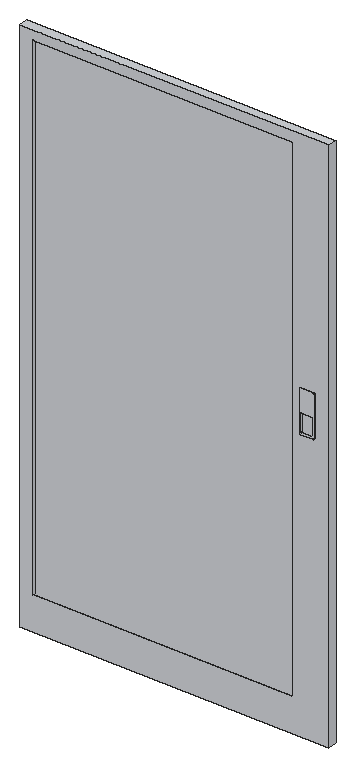
Revit family "Door-Slider-Fleetwood-3070-OXIXO", category Doors, host Wall, Revit 2013
Parameters (values of type "Archetype_90_Degree_Stile")
  Top_Rail = if(Bottom_Rail_As_Top, 5.14844", 1.46094")  # 1.46094"
  Stile_Condition = 10
  Sightline_Extender_Condition = 0
  Right_Stile = if(or(Archetype_Stile, Archetype_Inactive_Panel), 3.9688", if(or(Archetype_Narrow_Inactive_Panel, Archetype_Narrow_Stile), 2.9102", if(Narrow_Fixed_Stile, 1.0195", if(Stile_Condition = 10, 5.464", 2.074"))))  # 5.464"
  Panel_Width [instance] = 48"
  Panel_Height [instance] = 84"
  Panel_Finish [instance] = none
  Narrow_Fixed_Stile = Stile_Condition = 3  # no
  Model = ""
  Manufacturer = "Fleetwood Windows And Doors"
  Left_Stile = if([1_Sightline_Extender], 3.07422", if([2.5_Sightline_Extender], 4.57422", if([3.5_Sightline_Extender], 5.57422", 2.07422")))  # 2.07422"
  Hardware_Finish [instance] = none
  Glass_Width [instance] = Panel_Width - (Right_Stile + Left_Stile)  # 40.46178"
  Double_Arrow = no
  Arrow = yes
  Archetype_Narrow_Inactive_Panel = Stile_Condition = 9  # no
  Archetype_Narrow_Hardware_L = Stile_Condition = 7  # no
  Archetype_Narrow_Hardware = no
  Archetype_Inactive_Panel = Stile_Condition = 8  # no
  Archetype_Flush_Pulls = yes
  Glazing_Material [instance] = none
  Glass_Thickness = 1"
  Description = ""
  Bottom_Rail_As_Top = no
  Bottom_Rail = 5.14844"  # constant formula
  Archetype_Narrow_Stile = or(Stile_Condition = 2, Stile_Condition = 6, Stile_Condition = 7, Stile_Condition = 9)  # no
  Archetype_Stile = or(Stile_Condition = 1, Stile_Condition = 4, Stile_Condition = 5, Stile_Condition = 8)  # no
  Archetype_Narrow_Hardware_R = Stile_Condition = 6  # no
  Archetype_Hardware_Right = Stile_Condition = 5  # no
  Archetype_Hardware_Left = Stile_Condition = 4  # no
  Archetype_Actuator = or(Archetype_Hardware_Right, Archetype_Hardware_Left)  # no
  Actuator_Height [instance] = 53.75"
  3.5_Sightline_Extender = Sightline_Extender_Condition = 3  # no
  2.5_Sightline_Extender = Sightline_Extender_Condition = 2  # no
  1_Sightline_Extender = Sightline_Extender_Condition = 1  # no
Types (14): name | Stile_Condition | Sightline_Extender_Condition | Right_Stile | Narrow_Fixed_Stile | Left_Stile | Glass_Width | Double_Arrow | Arrow | Archetype_Narrow_Inactive_Panel | Archetype_Narrow_Hardware_L | Archetype_Narrow_Hardware | Archetype_Inactive_Panel | Archetype_Flush_Pulls | Description | Archetype_Narrow_Stile | Archetype_Stile | Archetype_Narrow_Hardware_R | Archetype_Hardware_Right | Archetype_Hardware_Left | Archetype_Actuator | Actuator_Height | 3.5_Sightline_Extender | 2.5_Sightline_Extender | 1_Sightline_Extender
  Sliding Panel  Interlock and Interlock | 0 | 0 | 2.074" | no | 2.07422" | 43.85178" | yes | yes | no | no | no | no | no | "" | no | no | no | no | no | no | 53.75" | no | no | no
  Pocket Panel 1" Sightline Extender | 0 | 1 | 2.074" | no | 3.07422" | 42.85178" | no | yes | no | no | no | no | no | "" | no | no | no | no | no | no | 53.75" | no | no | yes
  Pocket Panel 2.5" Sightline Extender | 0 | 2 | 2.074" | no | 4.57422" | 41.35178" | no | yes | no | no | no | no | no | "" | no | no | no | no | no | no | 53.75" | no | yes | no
  Pocket Panel 3.5" Sightline Extender | 0 | 3 | 2.074" | no | 5.57422" | 40.35178" | no | yes | no | no | no | no | no | "" | no | no | no | no | no | no | 53.75" | yes | no | no
  Active Lead Panel Right Archetype | 5 | 0 | 3.9688" | no | 2.07422" | 41.95698" | no | yes | no | no | no | no | yes | "Fleetwood Sliding Door Panel" | no | yes | no | yes | no | yes | 53.9375" | no | no | no
  Active Lead Panel Right Archetype Narrow | 6 | 0 | 2.9102" | no | 2.07422" | 43.01558" | no | yes | no | no | yes | no | no | "" | yes | no | yes | no | no | no | 53.75" | no | no | no
  Fixed Panel Narrow Fixed Stile | 3 | 0 | 1.0195" | yes | 2.07422" | 44.90628" | no | no | no | no | no | no | no | "" | no | no | no | no | no | no | 53.75" | no | no | no
  Fixed Panel Archetype Narrow Stile | 2 | 0 | 2.9102" | no | 2.07422" | 43.01558" | no | no | no | no | no | no | no | "" | yes | no | no | no | no | no | 53.75" | no | no | no
  Fixed Panel Archetype Stile | 1 | 0 | 3.9688" | no | 2.07422" | 41.95698" | no | no | no | no | no | no | no | "" | no | yes | no | no | no | no | 53.75" | no | no | no
  Active Lead Panel Left Archetype | 4 | 0 | 3.9688" | no | 2.07422" | 41.95698" | no | yes | no | no | no | no | yes | "" | no | yes | no | no | yes | yes | 53.9375" | no | no | no
  Active Lead Panel Left Archetype Narrow | 7 | 0 | 2.9102" | no | 2.07422" | 43.01558" | no | yes | no | yes | yes | no | no | "" | yes | no | no | no | no | no | 53.75" | no | no | no
  Archetype_Inactive_Panel | 8 | 0 | 3.9688" | no | 2.07422" | 41.95698" | no | yes | no | no | no | yes | yes | "" | no | yes | no | no | no | no | 53.75" | no | no | no
  Archetype_Narrow_Inactive_Panel | 9 | 0 | 2.9102" | no | 2.07422" | 43.01558" | no | yes | yes | no | yes | no | no | "" | yes | no | no | no | no | no | 53.75" | no | no | no
  Archetype_90_Degree_Stile | 10 | 0 | 5.464" | no | 2.07422" | 40.46178" | no | yes | no | no | no | no | yes | "" | no | no | no | no | no | no | 53.75" | no | no | no
Reference planes (in)
  plane 1 "Center (Front/Back)": y = 0
  plane 2: z = 0
  plane 3 "Center (Left/Right)": x = 0
  plane 4: y = -0.71484
  plane 5: y = 0.71484
  plane 6: x = -24
  plane 7: x = 24
  plane 8: z = 84
  plane 9: z = 5.14844
  plane 10: z = 82.53906
  plane 11: x = 18.536
  plane 12: x = -21.92578
  plane 13: y = 0.5
  plane 14: y = -0.5
  plane 15: z = 53.75
  plane 16: x = 20.766
  plane 17: y = 0
  plane 18: x = 22.74609
  plane 19: x = -22.96289
  plane 20: z = 42
  plane 21: x = -6
  plane 22: x = 6
  plane 23: x = -2
  plane 24: x = 2
Forms (in)
  Extrusion 1, solid, material <- "Panel_Finish"
    sketch origin (0, 0, 0) x (1, 0, 0) y (0, 0, 1)
      loop
        line (24, 84) -> (-24, 84) -> (-24, 0) -> (24, 0) -> (24, 84)
      loop
        line (-21.92578, 5.14844) -> (18.536, 5.14844) -> (18.536, 82.53906) -> (-21.92578, 82.53906) -> (-21.92578, 5.14844)
    from -0.71484 to 0.71484
  Extrusion 2, solid, material <- "Glazing_Material"
    sketch origin (0, 0, 0) x (1, 0, 0) y (0, 0, 1)
      loop
        line (-21.92578, 82.53906) -> (-21.92578, 5.14844) -> (18.536, 5.14844) -> (18.536, 82.53906) -> (-21.92578, 82.53906)
    from -0.5 to 0.5
Lines and regions (in)
  Masking region 1
    outline origin (0, 0, 0) x (1, 0, 0) y (0, 1, 0)
      loop
        line (-24, 0.71484) -> (-24, -0.71484) -> (24, -0.71484) -> (24, 0.71484) -> (-24, 0.71484)
  symbolic lines, visible <- "Arrow"
    curve 1: line (6, -0.71484, 42) -> (-6, -0.71484, 42)
    curve 2: line (-2, -0.71484, 40) -> (-6, -0.71484, 42)
    curve 3: line (-2, -0.71484, 44) -> (-6, -0.71484, 42)
  symbolic lines, visible <- "Double_Arrow"
    curve 4: line (2, -0.71484, 40) -> (6, -0.71484, 42)
    curve 5: line (2, -0.71484, 44) -> (6, -0.71484, 42)
Dimensions and locks (in)
  equal spacing: plane 4, plane 1 "Center (Front/Back)", plane 5
  locked: plane 4 to plane 5 at 1.42969
  equal spacing: plane 6, plane 3 "Center (Left/Right)", plane 7
  "Panel_Width": plane 6 to plane 7
  "Panel_Height": plane 8 to plane 2
  "Bottom_Rail": plane 9 to level
  "Right_Stile": plane 7 to plane 11
  "Left_Stile": plane 12 to plane 6
  "Top_Rail": plane 8 to plane 10
  equal spacing: plane 14, plane 1 "Center (Front/Back)", plane 13
  "Glass_Thickness": plane 14 to plane 13
  "Actuator_Height": plane 15 to level
  locked: plane 18 to plane 7 at 1.25391
  locked: plane 6 to plane 19 at 1.03711
  equal spacing: plane 8, plane 20, level
  plane 22 to plane 3 "Center (Left/Right)" to plane 21 = 6" locked, 6" locked
  locked: plane 23 to plane 21 at 4
  locked: plane 22 to plane 24 at 4
  curve 3 to plane 20 to curve 2 = 2" locked, 2" locked
  locked: plane 15 to nested 1 at 5
  locked: plane 16 to plane 11 at 2.23
  aligned and locked: plane 2 to level
  aligned and locked: plane 8 to Extrusion 1 sketch curve
  aligned and locked: plane 7 to Extrusion 1 sketch curve
  aligned and locked: Extrusion 1 sketch curve to plane 2
  aligned and locked: Extrusion 1 sketch curve to plane 6
  aligned and locked: Extrusion 1 sketch curve to plane 12
  aligned and locked: plane 10 to Extrusion 1 sketch curve
  aligned and locked: plane 11 to Extrusion 1 sketch curve
  aligned and locked: Extrusion 1 sketch curve to plane 9
  aligned and locked: Extrusion 1 to plane 5
  aligned and locked: plane 4 to Extrusion 1
  aligned and locked: Extrusion 2 sketch curve to plane 10
  aligned and locked: plane 12 to Extrusion 2 sketch curve
  aligned and locked: plane 9 to Extrusion 2 sketch curve
  aligned and locked: Extrusion 2 sketch curve to plane 11
  aligned and locked: Extrusion 2 to plane 13
  aligned and locked: plane 14 to Extrusion 2
  aligned and locked: plane 1 "Center (Front/Back)" to nested 1
  aligned and locked: plane 16 to nested 1
  aligned and locked: plane 15 to nested 2
  aligned and locked: plane 18 to nested 2
  aligned and locked: plane 1 "Center (Front/Back)" to nested 2
  aligned and locked: plane 5 to Masking region 1 sketch curve
  aligned and locked: plane 6 to Masking region 1 sketch curve
  aligned and locked: Masking region 1 sketch curve to plane 4
  aligned and locked: Masking region 1 sketch curve to plane 7
  aligned and locked: plane 21 to curve 2
  aligned and locked: curve 1 to curve 2
  aligned and locked: plane 20 to curve 1
  aligned and locked: plane 24 to curve 5
  aligned and locked: plane 24 to curve 4
  aligned and locked: plane 22 to curve 5
  aligned and locked: nested 3 to plane 15
  aligned and locked: plane 16 to nested 3
  aligned and locked: nested 3 to plane 1 "Center (Front/Back)"
  aligned and locked: nested 4 to plane 1 "Center (Front/Back)"
  aligned and locked: nested 4 to plane 16
  aligned and locked: plane 15 to nested 4
Automatic sketch dimensions
  curve 2 to plane 23 = 0"
  curve 3 to plane 23 = 0"
  curve 4 to plane 20 = 2"
  plane 20 to curve 5 = 2"
Nested families (in)
  nested 1: "Archetype_Flush_Pulls" at (20.766, 0, 42.25), Finish <- "Hardware_Finish", visible <- "Archetype_Flush_Pulls", type "Archetype_Flush_Pulls"
    with Finish none
  nested 2: "Archetype_Narrow_Hardware" at (22.74609, 0, 53.75), Finish <- "Hardware_Finish", Left <- "Archetype_Narrow_Hardware_L", visible <- "Archetype_Narrow_Hardware", Right <- "Archetype_Narrow_Hardware_R", type "Archetype_Narrow_Hardware", detail levels fine
    with Right no, Pulls_Only yes, Left no, Finish none
  nested 3: "Archetype_Actuator" at (20.766, 0, 53.75) x (1, 0, 0) z (0, -1, 0), Finish <- "Hardware_Finish", visible <- "Archetype_Hardware_Left", type "Archetype_Actuator", detail levels fine
    with Finish none
  nested 4: "Archetype_Actuator" at (20.766, 0, 53.75) x (1, 0, 0) z (0, 1, 0), Finish <- "Hardware_Finish", visible <- "Archetype_Hardware_Right", type "Archetype_Actuator", detail levels fine
    with Finish none
Definition of nested family "Archetype_Flush_Pulls"
  Parameters (values of type "Archetype_Flush_Pulls")
    Finish [instance] = none
  Reference planes (in)
    plane 1 "Center (Front/Back)": y = 0
    plane 2: z = 0
    plane 3 "Center (Left/Right)": x = 0
    plane 4: z = 6.5
    plane 5: z = 0.27344
    plane 6: z = 3.07422
    plane 7: y = -0.80469
    plane 8: y = 0.80469
    plane 9: y = -0.80469
    plane 10: x = 1.1875
    plane 11: x = -1.1875
    plane 12: x = 0.91406
    plane 13: x = -0.91406
    plane 14 "ext": y = -0.80469
    plane 15 "int": y = 0.80469
    plane 16: z = 6.21875
    plane 17: z = 3.35547
  Forms (in)
    Extrusion 1, solid, material <- "Finish", detail levels fine
      sketch origin (0, 0, 0) x (1, 0, 0) y (0, 0, 1)
        loop
          arc (-0.9375, 6.5) -> (-1.11428, 6.42678) -> (-1.1875, 6.25) r 0.25
          line (-1.1875, 6.25) -> (-1.1875, 0.25)
          arc (-1.1875, 0.25) -> (-1.11428, 0.07322) -> (-0.9375, 0) r 0.25
          line (-0.9375, 0) -> (0.9375, 0)
          arc (0.9375, 0) -> (1.11428, 0.07322) -> (1.1875, 0.25) r 0.25
          line (1.1875, 0.25) -> (1.1875, 6.25)
          arc (1.1875, 6.25) -> (1.11428, 6.42678) -> (0.9375, 6.5) r 0.25
          line (0.9375, 6.5) -> (-0.9375, 6.5)
      from -0.80469 to 0.80469
    Extrusion 2, void
      sketch origin (0, -0.80469, 0) x (-1, 0, 0) y (0, 0, 1)
        loop
          line (0.78906, 3.07422) -> (-0.78906, 3.07422)
          arc (-0.78906, 3.07422) -> (-0.87745, 3.03761) -> (-0.91406, 2.94922) r 0.125
          line (-0.91406, 2.94922) -> (-0.91406, 0.39844)
          arc (-0.91406, 0.39844) -> (-0.87745, 0.31005) -> (-0.78906, 0.27344) r 0.125
          line (-0.78906, 0.27344) -> (0.78906, 0.27344)
          arc (0.78906, 0.27344) -> (0.87745, 0.31005) -> (0.91406, 0.39844) r 0.125
          line (0.91406, 0.39844) -> (0.91406, 2.94922)
          arc (0.91406, 2.94922) -> (0.87745, 3.03761) -> (0.78906, 3.07422) r 0.125
      from 0 to 1
    Extrusion 3, void
      sketch origin (0, 0.80469, 0) x (-1, 0, 0) y (0, 0, 1)
        loop
          arc (-0.78906, 6.21875) -> (-0.87745, 6.18214) -> (-0.91406, 6.09375) r 0.125
          line (-0.91406, 6.09375) -> (-0.91406, 3.48047)
          arc (-0.91406, 3.48047) -> (-0.87745, 3.39208) -> (-0.78906, 3.35547) r 0.125
          line (-0.78906, 3.35547) -> (0.78906, 3.35547)
          arc (0.78906, 3.35547) -> (0.87745, 3.39208) -> (0.91406, 3.48047) r 0.125
          line (0.91406, 3.48047) -> (0.91406, 6.09375)
          arc (0.91406, 6.09375) -> (0.87745, 6.18214) -> (0.78906, 6.21875) r 0.125
          line (0.78906, 6.21875) -> (-0.78906, 6.21875)
      from 0 to -1
  Cuts and joins
    Extrusion 2, Extrusion 3 cuts Extrusion 1
  Dimensions and locks (in)
    locked: plane 4 to level at 6.5
    locked: plane 11 to plane 10 at 2.375
    locked: plane 12 to plane 10 at 0.27344
    locked: plane 11 to plane 13 at 0.27344
    locked: plane 6 to plane 5 at 2.80078
    equal spacing: plane 15 "int", plane 1 "Center (Front/Back)", plane 14 "ext"
    locked: plane 15 "int" to plane 14 "ext" at 1.60938
    locked: plane 5 to level at 0.27344
    locked: plane 4 to plane 16 at 0.28125
    locked: plane 17 to plane 6 at 0.28125
    aligned and locked: plane 2 to level
    aligned and locked: Extrusion 2 sketch curve to plane 6
    aligned and locked: plane 12 to Extrusion 2 sketch curve
    aligned and locked: plane 5 to Extrusion 2 sketch curve
    aligned and locked: Extrusion 2 sketch curve to plane 13
    aligned and locked: plane 12 to Extrusion 3 sketch curve
    aligned and locked: Extrusion 3 sketch curve to plane 16
    aligned and locked: Extrusion 3 sketch curve to plane 13
    aligned and locked: plane 17 to Extrusion 3 sketch curve
  Automatic sketch dimensions
    plane 11 to Extrusion 1 sketch curve = 0"
    Extrusion 1 sketch curve to level = 0"
    Extrusion 1 sketch curve to plane 4 = 0"
    plane 10 to Extrusion 1 sketch curve = 0"
    Extrusion 1 sketch curve to plane 5 = 0.02344"
    plane 13 to Extrusion 1 sketch curve = 0.02344"
    Extrusion 1 sketch curve to plane 12 = 0.02344"  (x2)
    plane 12 to Extrusion 2 sketch curve = 0.125"  (x2)
    Extrusion 2 sketch curve to plane 13 = 0.125"  (x2)
    plane 12 to Extrusion 3 sketch curve = 0.125"  (x2)
    Extrusion 3 sketch curve to plane 13 = 0.125"  (x2)
Definition of nested family "Archetype_Narrow_Hardware"
  Parameters (values of type "Archetype_Narrow_Hardware")
    Right [instance] = no
    Pulls_Only [instance] = if(or(Right, Left), 1 > 2, 1 < 2)  # yes
    Left [instance] = no
    Finish [instance] = none
  Reference planes (in)
    plane 1 "Center (Front/Back)": y = 0
    plane 2 "Actuator_Height": z = 0
    plane 3 "Center (Left/Right)": x = 0
    plane 4 "ext": y = 0.78906
    plane 5 "int": y = -0.78906
    plane 6: x = -0.6875
    plane 7: x = 0.6875
    plane 8: z = -1.75
    plane 9: z = 2.8125
    plane 10: z = 2.60547
    plane 11: x = 0.48047
    plane 12: x = -0.48047
    plane 13: z = -1.54297
    plane 14: z = 0.1875
    plane 15: z = -0.1875
    plane 16: z = 1.32031
    plane 17: z = 0
  Forms (in)
    Extrusion 1, solid, material <- "Finish", detail levels fine
      sketch origin (0, 0, 0) x (1, 0, 0) y (0, 0, 1)
        loop
          arc (-0.5625, 2.8125) -> (-0.65089, 2.77589) -> (-0.6875, 2.6875) r 0.125
          line (-0.6875, 2.6875) -> (-0.6875, -1.625)
          arc (-0.6875, -1.625) -> (-0.65089, -1.71339) -> (-0.5625, -1.75) r 0.125
          line (-0.5625, -1.75) -> (0.5625, -1.75)
          arc (0.5625, -1.75) -> (0.65089, -1.71339) -> (0.6875, -1.625) r 0.125
          line (0.6875, -1.625) -> (0.6875, 2.6875)
          arc (0.6875, 2.6875) -> (0.65089, 2.77589) -> (0.5625, 2.8125) r 0.125
          line (0.5625, 2.8125) -> (-0.5625, 2.8125)
      from -0.78906 to 0.78906
  Lines and regions (in)
    model lines, detail levels fine
      curve 1: line (0.5625, -0.78906, 2.8125) -> (-0.5625, -0.78906, 2.8125)
      curve 2: arc (0.6875, -0.78906, 2.6875) -> (0.65089, -0.78906, 2.77589) -> (0.5625, -0.78906, 2.8125) r 0.125
      curve 3: line (0.6875, -0.78906, -1.625) -> (0.6875, -0.78906, 2.6875)
      curve 4: arc (0.5625, -0.78906, -1.75) -> (0.65089, -0.78906, -1.71339) -> (0.6875, -0.78906, -1.625) r 0.125
      curve 5: line (-0.5625, -0.78906, -1.75) -> (0.5625, -0.78906, -1.75)
      curve 6: arc (-0.6875, -0.78906, -1.625) -> (-0.65089, -0.78906, -1.71339) -> (-0.5625, -0.78906, -1.75) r 0.125
      curve 7: line (-0.6875, -0.78906, 2.6875) -> (-0.6875, -0.78906, -1.625)
      curve 8: arc (-0.5625, -0.78906, 2.8125) -> (-0.65089, -0.78906, 2.77589) -> (-0.6875, -0.78906, 2.6875) r 0.125
      curve 9: line (-0.38672, -0.78906, 2.60547) -> (0.38672, -0.78906, 2.60547)
      curve 10: line (-0.48047, -0.78906, -1.44922) -> (-0.48047, -0.78906, 2.51172)
      curve 11: line (0.38672, -0.78906, -1.54297) -> (-0.38672, -0.78906, -1.54297)
      curve 12: line (0.48047, -0.78906, 2.51172) -> (0.48047, -0.78906, -1.44922)
      curve 13: arc (-0.48047, -0.78906, 2.51172) -> (-0.45301, -0.78906, 2.57801) -> (-0.38672, -0.78906, 2.60547) r 0.09375
      curve 14: arc (0.38672, -0.78906, 2.60547) -> (0.45301, -0.78906, 2.57801) -> (0.48047, -0.78906, 2.51172) r 0.09375
      curve 15: arc (0.48047, -0.78906, -1.44922) -> (0.45301, -0.78906, -1.51551) -> (0.38672, -0.78906, -1.54297) r 0.09375
      curve 16: arc (-0.38672, -0.78906, -1.54297) -> (-0.45301, -0.78906, -1.51551) -> (-0.48047, -0.78906, -1.44922) r 0.09375
      curve 17: line (0.5625, 0.78906, 2.8125) -> (-0.5625, 0.78906, 2.8125)
      curve 18: arc (0.6875, 0.78906, 2.6875) -> (0.65089, 0.78906, 2.77589) -> (0.5625, 0.78906, 2.8125) r 0.125
      curve 19: line (0.6875, 0.78906, -1.625) -> (0.6875, 0.78906, 2.6875)
      curve 20: arc (0.5625, 0.78906, -1.75) -> (0.65089, 0.78906, -1.71339) -> (0.6875, 0.78906, -1.625) r 0.125
      curve 21: line (-0.5625, 0.78906, -1.75) -> (0.5625, 0.78906, -1.75)
      curve 22: arc (-0.6875, 0.78906, -1.625) -> (-0.65089, 0.78906, -1.71339) -> (-0.5625, 0.78906, -1.75) r 0.125
      curve 23: line (-0.6875, 0.78906, 2.6875) -> (-0.6875, 0.78906, -1.625)
      curve 24: arc (-0.5625, 0.78906, 2.8125) -> (-0.65089, 0.78906, 2.77589) -> (-0.6875, 0.78906, 2.6875) r 0.125
      curve 25: line (-0.38672, 0.78906, 2.60547) -> (0.38672, 0.78906, 2.60547)
      curve 26: line (-0.48047, 0.78906, -1.44922) -> (-0.48047, 0.78906, 2.51172)
      curve 27: line (0.38672, 0.78906, -1.54297) -> (-0.38672, 0.78906, -1.54297)
      curve 28: line (0.48047, 0.78906, 2.51172) -> (0.48047, 0.78906, -1.44922)
      curve 29: arc (-0.48047, 0.78906, 2.51172) -> (-0.45301, 0.78906, 2.57801) -> (-0.38672, 0.78906, 2.60547) r 0.09375
      curve 30: arc (0.38672, 0.78906, 2.60547) -> (0.45301, 0.78906, 2.57801) -> (0.48047, 0.78906, 2.51172) r 0.09375
      curve 31: arc (0.48047, 0.78906, -1.44922) -> (0.45301, 0.78906, -1.51551) -> (0.38672, 0.78906, -1.54297) r 0.09375
      curve 32: arc (-0.38672, 0.78906, -1.54297) -> (-0.45301, 0.78906, -1.51551) -> (-0.48047, 0.78906, -1.44922) r 0.09375
    model lines, visible <- "Left", detail levels fine
      curve 33: line (0.48047, 0.78906, 1.32031) -> (-0.48047, 0.78906, 1.32031)
      curve 34: line (-0.48047, 0.78906, 0.1875) -> (0.48047, 0.78906, 0.1875)
      curve 35: line (0.48047, 0.78906, -0.1875) -> (-0.48047, 0.78906, -0.1875)
    model lines, visible <- "Right", detail levels fine
      curve 36: line (0.48047, -0.78906, 1.32031) -> (-0.48047, -0.78906, 1.32031)
      curve 37: line (-0.48047, -0.78906, 0.1875) -> (0.48047, -0.78906, 0.1875)
      curve 38: line (0.48047, -0.78906, -0.1875) -> (-0.48047, -0.78906, -0.1875)
  Dimensions and locks (in)
    equal spacing: plane 5 "int", plane 1 "Center (Front/Back)", plane 4 "ext"
    plane 5 "int" to plane 4 "ext" = 1.57812"
    equal spacing: plane 6, plane 3 "Center (Left/Right)", plane 7
    locked: plane 6 to plane 7 at 1.375
    locked: level to plane 8 at 1.75
    locked: plane 9 to level at 2.8125
    locked: plane 9 to plane 10 at 0.20703
    locked: plane 13 to plane 8 at 0.20703
    locked: plane 7 to plane 11 at 0.20703
    locked: plane 12 to plane 6 at 0.20703
    plane 15 to level to plane 14 to plane 16 = 0.1875" locked, 0.1875" locked, 1.13281" locked
    aligned and locked: plane 2 "Actuator_Height" to level
    aligned and locked: Extrusion 1 sketch curve to plane 9
    aligned and locked: Extrusion 1 sketch curve to plane 7
    aligned and locked: plane 6 to Extrusion 1 sketch curve
    aligned and locked: plane 8 to Extrusion 1 sketch curve
    aligned and locked: plane 5 "int" to Extrusion 1
    aligned and locked: Extrusion 1 to plane 4 "ext"
    aligned and locked: curve 2 to Extrusion 1
    aligned and locked: curve 4 to Extrusion 1
    aligned and locked: curve 6 to Extrusion 1
    aligned and locked: curve 8 to Extrusion 1
    aligned and locked: curve 9 to plane 10
    aligned and locked: curve 12 to plane 11
    aligned and locked: plane 13 to curve 11
    aligned and locked: plane 12 to curve 10
    aligned and locked: plane 10 to curve 25
    aligned and locked: curve 17 to plane 9
    aligned and locked: plane 8 to curve 21
    aligned and locked: curve 27 to plane 13
    aligned and locked: plane 6 to curve 23
    aligned and locked: curve 19 to plane 7
    aligned and locked: plane 11 to curve 33
    aligned and locked: plane 12 to curve 34
    aligned and locked: plane 11 to curve 35
    aligned and locked: plane 12 to curve 35
    aligned and locked: curve 33 to plane 16
    aligned and locked: plane 14 to curve 34
    aligned and locked: curve 35 to plane 15
    aligned and locked: plane 11 to curve 36
    aligned and locked: plane 12 to curve 36
    aligned and locked: plane 15 to curve 38
    aligned and locked: curve 37 to plane 14
    aligned and locked: plane 16 to curve 36
    aligned and locked: plane 2 "Actuator_Height" to plane 17
  Automatic sketch dimensions
    plane 8 to Extrusion 1 sketch curve = 0.125"
    plane 6 to Extrusion 1 sketch curve = 0.125"
    Extrusion 1 sketch curve to plane 7 = 0.125"  (x2)
    curve 21 to plane 12 = 0.08203"
    curve 19 to plane 13 = 0.08203"
    curve 17 to plane 12 = 0.08203"
    plane 12 to curve 25 = 0.09375"
    plane 12 to curve 27 = 0.09375"
    curve 27 to plane 11 = 0.09375"
    curve 25 to plane 11 = 0.09375"
    plane 11 to curve 17 = 0.08203"
    plane 12 to curve 9 = 0.09375"
    plane 13 to curve 12 = 0.09375"
    plane 12 to curve 11 = 0.09375"
    curve 9 to plane 11 = 0.09375"
Definition of nested family "Archetype_Actuator"
  Parameters (values of type "Archetype_Actuator")
    Finish [instance] = none
  Reference planes (in)
    plane 1 "Center (Front/Back)": y = 0
    plane 2: z = 0
    plane 3 "Center (Left/Right)": x = 0
    plane 4: y = 1.1875
    plane 5: y = -1.1875
    plane 6: x = -1.1875
    plane 7: x = 1.1875
    plane 8: x = 0.91016
    plane 9: x = -0.91016
    plane 10: y = 0.91016
    plane 11: y = -0.91016
  Forms (in)
    Extrusion 1, solid, material <- "Finish"
      sketch origin (0, 0, 0) x (1, 0, 0) y (0, 1, 0)
        loop
          arc (-0.9375, 1.1875) -> (-1.11428, 1.11428) -> (-1.1875, 0.9375) r 0.25
          line (-1.1875, 0.9375) -> (-1.1875, -0.9375)
          arc (-1.1875, -0.9375) -> (-1.11428, -1.11428) -> (-0.9375, -1.1875) r 0.25
          line (-0.9375, -1.1875) -> (0.9375, -1.1875)
          arc (0.9375, -1.1875) -> (1.11428, -1.11428) -> (1.1875, -0.9375) r 0.25
          line (1.1875, -0.9375) -> (1.1875, 0.9375)
          arc (1.1875, 0.9375) -> (1.11428, 1.11428) -> (0.9375, 1.1875) r 0.25
          line (0.9375, 1.1875) -> (-0.9375, 1.1875)
      from 0 to 0.80469
  Dimensions and locks (in)
    aligned and locked: plane 2 to level
Types in the file's own list only (6): name | URL | Thickness | Rough Width | Rough Height | Panel_Height | Panel_4_Configuration | Panel_4 | Panel_3_Configuration | Panel_3 | Panel_2_Configuration | Panel_2 | Panel_1_Configuration | Panel_1 | Model | Interior Wrap Overhang | Hardware | Glazing | Frame_&_Panel | Equal_Centerlines | Centerline_3 | Centerline_2 | Centerline_1 | Exterior Wrap Overhang | Function | Height | Wall Closure | Width | Configuration | Actuator_Height
  Archetype Hardware_Archetype Narrow Fixed Stile | "www.fleetwoodusa.com" | 3.816 " | 96.5 " | 96.25 " | 94.4688 " | 3070_EX_Panel : Fixed Panel Archetype Narrow Stile | 24.2585 " | 3070_EX_Panel : Archetype_Inactive_Panel | 24.6933 " | 3070_EX_Panel : Active Lead Panel Right Archetype | 24.6933 " | 3070_EX_Panel : Fixed Panel Archetype Narrow Stile | 24.2585 " | "3070" | 0.5 " | Stainless Steel, Brushed | Glass | Aluminum, Anodized Clear | Yes | 0 " | 0 " | 0 " | 0.5 " | Exterior | 96 " | By host | 96 " | "OXIXO" | 53.75 "
  Archetype Hardware_Archetype Fixed Stile | "www.fleetwoodusa.com" | 3.816 " | 96.5 " | 96.25 " | 94.4688 " | 3070_EX_Panel : Fixed Panel Archetype Stile | 24.2585 " | 3070_EX_Panel : Archetype_Inactive_Panel | 24.6933 " | 3070_EX_Panel : Active Lead Panel Right Archetype | 24.6933 " | 3070_EX_Panel : Fixed Panel Archetype Stile | 24.2585 " | "3070" | 0.5 " | Stainless Steel, Brushed | Glass | Aluminum, Anodized Clear | Yes | 0 " | 0 " | 0 " | 0.5 " | Exterior | 96 " | By host | 96 " | "OXIXO" | 53.75 "
  Archetype Narrow Hardware_Narrow Fixed Stile | "www.fleetwoodusa.com" | 3.816 " | 96.5 " | 96.25 " | 94.4688 " | 3070_EX_Panel : Fixed Panel Narrow Fixed Stile | 24.2585 " | 3070_EX_Panel : Archetype_Narrow_Inactive_Panel | 24.6933 " | 3070_EX_Panel : Active Lead Panel Right Archetype Narrow | 24.6933 " | 3070_EX_Panel : Fixed Panel Narrow Fixed Stile | 24.2585 " | "3070" | 0.5 " | Stainless Steel, Brushed | Glass | Aluminum, Anodized Clear | Yes | 0 " | 0 " | 0 " | 0.5 " | Exterior | 96 " | By host | 96 " | "OXIXO" | 46 "
  Archetype Narrow Hardware_Archetype Narrow Fixed Stile | "www.fleetwoodusa.com" | 3.816 " | 96.5 " | 96.25 " | 94.4688 " | 3070_EX_Panel : Fixed Panel Archetype Narrow Stile | 24.2585 " | 3070_EX_Panel : Archetype_Narrow_Inactive_Panel | 24.6933 " | 3070_EX_Panel : Active Lead Panel Right Archetype Narrow | 24.6933 " | 3070_EX_Panel : Fixed Panel Archetype Narrow Stile | 24.2585 " | "3070" | 0.5 " | Stainless Steel, Brushed | Glass | Aluminum, Anodized Clear | Yes | 0 " | 0 " | 0 " | 0.5 " | Exterior | 96 " | By host | 96 " | "OXIXO" | 46 "
  Archetype Narrow Hardware_Archetype Fixed Stile | "www.fleetwoodusa.com" | 3.816 " | 96.5 " | 96.25 " | 94.4688 " | 3070_EX_Panel : Fixed Panel Archetype Stile | 24.2585 " | 3070_EX_Panel : Archetype_Narrow_Inactive_Panel | 24.6933 " | 3070_EX_Panel : Active Lead Panel Right Archetype Narrow | 24.6933 " | 3070_EX_Panel : Fixed Panel Archetype Stile | 24.2585 " | "3070" | 0.5 " | Stainless Steel, Brushed | Glass | Aluminum, Anodized Clear | Yes | 0 " | 0 " | 0 " | 0.5 " | Exterior | 96 " | By host | 96 " | "OXIXO" | 46 "
  Archetype Hardware_Narrow Fixed Stile | "www.fleetwoodusa.com" | 3.816 " | 96.5 " | 96.25 " | 94.4688 " | 3070_EX_Panel : Fixed Panel Narrow Fixed Stile | 24.2585 " | 3070_EX_Panel : Archetype_Inactive_Panel | 24.6933 " | 3070_EX_Panel : Active Lead Panel Right Archetype | 24.6933 " | 3070_EX_Panel : Fixed Panel Narrow Fixed Stile | 24.2585 " | "3070" | 0.5 " | Stainless Steel, Brushed | Glass | Aluminum, Anodized Clear | Yes | 0 " | 0 " | 0 " | 0.5 " | Exterior | 96 " | By host | 96 " | "OXIXO" | 53.75 "
